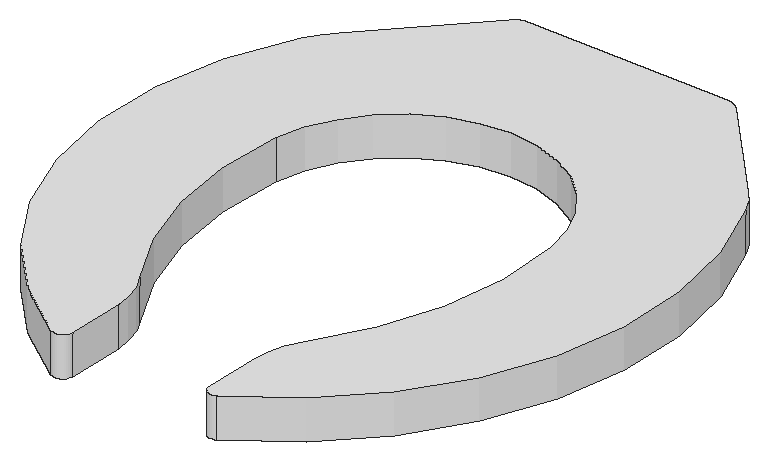
Revit family "Toilet_Seat-Commercial-American_Standard-Baby_Devoro-5001G.055", category Specialty Equipment, Revit 2014
Parameters (values of type "5001G.055")
  Width = 13 1/2"
  URL = "http://www.americanstandard-us.com/"
  Revised Date = "11/22/2016"
  Product Page URL = "https://www.americanstandard-us.com/bathroom/commercial-toilet-seats/commercial-toilet-seat-for-baby-devoro-bowls-22429"
  Product Documentation Link = "https://www.americanstandard-us.com/-/media/sites/asus/files/product-specs/bulk/specsheet5001g055.pdf?la=en"
  Price = "Prices may vary. Please consult Manufacturer Representative for most up-to-date price list."  # constant formula
  Model = "5001G.055"
  Material = "Plastic-American Standard-White"
  Manufacturer = "American Standard"
  Length = 15 7/8"
  Description = "Commercial Toilet Seat for Baby Devoro Bowls Open Rim."
  Default Elevation = 0"
  Creation Date = "10/31/14"
  Assembly Code = "C1030200"
Reference planes (in)
  plane 1 "Center (Front/Back)": y = 0
  plane 2: z = 0
  plane 3 "Center (Left/Right)": x = 0
  plane 4: y = -15.875
  plane 5: y = -0.5
  plane 6: x = -1.75
  plane 7: x = 1.75
  plane 8: y = -15.875
  plane 9: x = 1.75
  plane 10: x = -1.75
  plane 11: x = 6.75
  plane 12: x = -6.75
  plane 13: x = 2.75
  plane 14: x = -2.75
  plane 15: x = 3.625
  plane 16: x = -3.625
Forms (in)
  Extrusion 1, solid, material "Plastic-American Standard-White"
    sketch origin (0, 0, 0) x (1, 0, 0) y (0, 1, 0)
      loop
        arc (-2.53127, 0) -> (-2.73167, -0.04191) -> (-2.89846, -0.16063) r 0.5
        line (-2.89846, -0.16063) -> (-5.24091, -2.69503)
        arc (-5.24091, -2.69503) -> (-5.4874, -2.99938) -> (-5.69214, -3.33325) r 3
        arc (-5.69214, -3.33325) -> (-6.41614, -10.30151) -> (-2.12651, -15.84046) r 9.41438
        arc (-2.12651, -15.84046) -> (-1.87576, -15.84177) -> (-1.75, -15.62483) r 0.25
        line (-1.75, -15.62483) -> (-1.75, -14.15923)
        arc (-1.75, -14.15923) -> (-1.83839, -13.57121) -> (-2.09576, -13.03518) r 2
        arc (-2.09576, -13.03518) -> (-3.39148, -10.08277) -> (-3.54301, -6.86212) r 8.84566
        arc (-3.54301, -6.86212) -> (0, -3.77174) -> (3.54301, -6.86212) r 3.57616
        arc (3.54301, -6.86212) -> (3.39148, -10.08277) -> (2.09576, -13.03518) r 8.84566
        arc (2.09576, -13.03518) -> (1.83839, -13.57121) -> (1.75, -14.15923) r 2
        line (1.75, -14.15923) -> (1.75, -15.6248)
        arc (1.75, -15.6248) -> (1.87602, -15.84189) -> (2.12703, -15.84013) r 0.25
        arc (2.12703, -15.84013) -> (6.41042, -10.28007) -> (5.66547, -3.30106) r 9.42857
        arc (5.66547, -3.30106) -> (5.46231, -2.97139) -> (5.21837, -2.67065) r 3
        line (5.21837, -2.67065) -> (2.89846, -0.16063)
        arc (2.89846, -0.16063) -> (2.73167, -0.04191) -> (2.53127, 0) r 0.5
        line (2.53127, 0) -> (-2.53127, 0)
    from 0 to 1
Lines and regions (in)
  Masking region 1
    outline origin (0, 0, 0) x (1, 0, 0) y (0, 1, 0)
      loop
        arc (-2.53127, 0) -> (-2.73167, -0.04191) -> (-2.89846, -0.16063) r 0.5
        line (-2.89846, -0.16063) -> (-5.24091, -2.69503)
        arc (-5.24091, -2.69503) -> (-5.4874, -2.99938) -> (-5.69214, -3.33325) r 3
        arc (-5.69214, -3.33325) -> (-6.41614, -10.30151) -> (-2.12651, -15.84046) r 9.41438
        arc (-2.12651, -15.84046) -> (-1.87576, -15.84177) -> (-1.75, -15.62483) r 0.25
        line (-1.75, -15.62483) -> (-1.75, -14.15923)
        arc (-1.75, -14.15923) -> (-1.83839, -13.57121) -> (-2.09576, -13.03518) r 2
        arc (-2.09576, -13.03518) -> (-3.39148, -10.08277) -> (-3.54301, -6.86212) r 8.84566
        arc (-3.54301, -6.86212) -> (0, -3.77174) -> (3.54301, -6.86212) r 3.57616
        arc (3.54301, -6.86212) -> (3.39148, -10.08277) -> (2.09576, -13.03518) r 8.84566
        arc (2.09576, -13.03518) -> (1.83839, -13.57121) -> (1.75, -14.15923) r 2
        line (1.75, -14.15923) -> (1.75, -15.6248)
        arc (1.75, -15.6248) -> (1.87602, -15.84189) -> (2.12703, -15.84013) r 0.25
        arc (2.12703, -15.84013) -> (6.41042, -10.28007) -> (5.66547, -3.30106) r 9.42857
        arc (5.66547, -3.30106) -> (5.46231, -2.97139) -> (5.21837, -2.67065) r 3
        line (5.21837, -2.67065) -> (2.89846, -0.16063)
        arc (2.89846, -0.16063) -> (2.73167, -0.04191) -> (2.53127, 0) r 0.5
        line (2.53127, 0) -> (-2.53127, 0)
Dimensions and locks (in)
  "Width": plane 12 to plane 11
  "Length": plane 8 to plane 1 "Center (Front/Back)"
  plane 10 to plane 9 = 3 1/2"
  plane 14 to plane 13 = 5 1/2"
  plane 16 to plane 15 = 7 1/4"
Automatic sketch dimensions
  plane 5 to Extrusion 1 sketch curve = 0"  (x2)
  plane 1 "Center (Front/Back)" to Extrusion 1 sketch curve = 0"
  Extrusion 1 sketch curve to plane 6 = 0"
  Extrusion 1 sketch curve to plane 3 "Center (Left/Right)" = 0"
  Extrusion 1 sketch curve to plane 7 = 0"
  Extrusion 1 sketch curve to Extrusion 1 sketch curve = 1/4"  (x2)
  Extrusion 1 sketch curve to plane 14 = 0.08623"
  plane 14 to Extrusion 1 sketch curve = 0.14846"
  plane 14 to Extrusion 1 sketch curve = 0.2878"
  plane 16 to Extrusion 1 sketch curve = 1/8"
  Extrusion 1 sketch curve to plane 12 = 1.52934"
  Extrusion 1 sketch curve to plane 12 = 1.50909"
  Extrusion 1 sketch curve to plane 13 = 0.21873"
  Extrusion 1 sketch curve to plane 13 = 0.11249"
  plane 13 to Extrusion 1 sketch curve = 0.14846"
  plane 13 to Extrusion 1 sketch curve = 0.26526"
  plane 15 to Extrusion 1 sketch curve = 1/8"
  Extrusion 1 sketch curve to plane 11 = 1.53163"
  Extrusion 1 sketch curve to plane 11 = 1.52934"
  plane 5 to Extrusion 1 sketch curve = 2.17065"
  plane 5 to Extrusion 1 sketch curve = 2.19503"
  Extrusion 1 sketch curve to Extrusion 1 sketch curve = 2.03625"  (x2)
  Extrusion 1 sketch curve to Extrusion 1 sketch curve = 2.641"
  Extrusion 1 sketch curve to Extrusion 1 sketch curve = 0.3715"
  Extrusion 1 sketch curve to Extrusion 1 sketch curve = 0.37255"
  Extrusion 1 sketch curve to Extrusion 1 sketch curve = 0.34429"
  Extrusion 1 sketch curve to Extrusion 1 sketch curve = 0.34325"
  Extrusion 1 sketch curve to plane 4 = 1.71577"  (x2)
  Extrusion 1 sketch curve to plane 4 = 0.2502"
  Extrusion 1 sketch curve to plane 4 = 0.25017"
  plane 1 "Center (Front/Back)" to Extrusion 1 sketch curve = 0.16063"
  Extrusion 1 sketch curve to Extrusion 1 sketch curve = 0"  (x5)
  plane 1 "Center (Front/Back)" to Masking region 1 sketch curve = 0"
  Masking region 1 sketch curve to plane 10 = 0"
  Masking region 1 sketch curve to plane 3 "Center (Left/Right)" = 0"
  Masking region 1 sketch curve to plane 9 = 0"
  Masking region 1 sketch curve to Masking region 1 sketch curve = 1/4"  (x2)
  Masking region 1 sketch curve to plane 14 = 0.21873"
  Masking region 1 sketch curve to plane 14 = 0.08623"
  plane 14 to Masking region 1 sketch curve = 0.14846"
  plane 14 to Masking region 1 sketch curve = 0.2878"
  plane 16 to Masking region 1 sketch curve = 1/8"
  Masking region 1 sketch curve to plane 12 = 1.52934"
  Masking region 1 sketch curve to plane 12 = 1.50909"
  Masking region 1 sketch curve to plane 13 = 0.21873"
  Masking region 1 sketch curve to plane 13 = 0.11249"
  plane 13 to Masking region 1 sketch curve = 0.14846"
  plane 13 to Masking region 1 sketch curve = 0.26526"
  plane 15 to Masking region 1 sketch curve = 1/8"
  Masking region 1 sketch curve to plane 11 = 1.53163"
  Masking region 1 sketch curve to plane 11 = 1.52934"
  plane 1 "Center (Front/Back)" to Masking region 1 sketch curve = 0.16063"  (x2)
  plane 1 "Center (Front/Back)" to Masking region 1 sketch curve = 2.67065"
  plane 1 "Center (Front/Back)" to Masking region 1 sketch curve = 2.69503"
  Masking region 1 sketch curve to Masking region 1 sketch curve = 2.03625"  (x2)
  Masking region 1 sketch curve to Masking region 1 sketch curve = 2.641"
  Masking region 1 sketch curve to Masking region 1 sketch curve = 0.3715"
  Masking region 1 sketch curve to Masking region 1 sketch curve = 0.37255"
  Masking region 1 sketch curve to Masking region 1 sketch curve = 0.34325"
  Masking region 1 sketch curve to Masking region 1 sketch curve = 0.34429"
  Masking region 1 sketch curve to plane 8 = 1.71577"  (x2)
  Masking region 1 sketch curve to plane 8 = 0.2502"
  Masking region 1 sketch curve to plane 8 = 0.25017"
  Masking region 1 sketch curve to Masking region 1 sketch curve = 0"  (x5)
